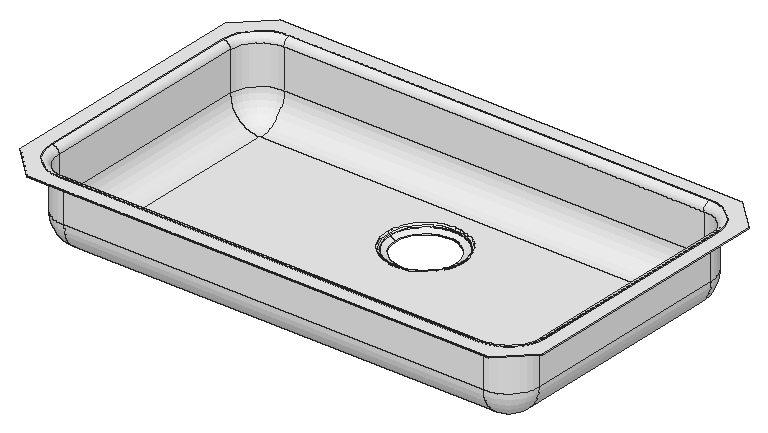
Revit family "ELUHAD281645", category Plumbing Fixtures, Revit 2019
Family settings
  Round Connector Dimension = Use Radius
  Part Type = Normal
  OmniClass Number = 23.45.05.14.14.27
  OmniClass Title = Service Sinks
  Work Plane-Based = No
  Always vertical = Yes
  Cut with Voids When Loaded = No
  Shared = No
  Room Calculation Point = No
Parameters (values of type "ELUHAD281645")
  URL = "www.elkayusa.com"
  Template Included = "Yes"
  Specification Sheet URL = ""
  Sound Deadening = "Bottom only pads"
  Sink Width = 1' - 6 1/2"
  Sink Material = Metal - Steel - Stainless - Chrome
  Sink Length = 2' - 6 1/2"
  Sink Ledge Sides Width = Sink Ledge Corner Width  # 0' - 1 1/4"
  Sink Ledge Front Width = Sink Ledge Corner Width  # 0' - 1 1/4"
  Sink Ledge Corner Width = 0' - 1 1/4"  # constant formula
  Sink Ledge Back Width = Sink Ledge Corner Width  # 0' - 1 1/4"
  Sink Dimensions = "30 1/2 inch x 18-1/2 inch x 4-3/8 inch"
  Sink Depth = 0' - 4 3/8"
  Sanitary Flow Rate = 10 GPM
  OmniClass Title = "Service Sinks"
  OmniClass Code = "23.45.05.14.14.27"
  Number of Bowls = "1"
  Nominal Radius = Nominal Dia / 2  # 0' - 0 3/4"
  Nominal Dia = 0' - 1 1/2"
  Mounting Hardware = "Undermount brackets sold separately"
  Model Number = ""
  Model = "Lustertone Undermount"
  Minimum Cabinet Size = "36 inch"
  Material = "304 Stainless Steel"
  MasterFormat Title = "Commercial Sinks"
  MasterFormat Number = "22.42.16.16"
  Manufacturer = "Elkay Manufacturing"
  Installation Type = "Undermount"
  Gauge = "18"
  Finish = "Lustrous Satin"
  Drain Size = "3-1/2 inch (89mm)"
  Drain Locations = "Rear Center"
  Drain Location = 0' - 5"
  Description = "Lustertone Single Bowl Sink"
  Deep Specification Sheet URL = ""
  Date Created = "10082021"  # constant formula
  Cutout Template # = "1000001414"
  CL Sink to CL Drain = 0' - 0"
  Bowl Width = (Sink Width - Sink Ledge Front Width - Sink Ledge Back Width)  # 1' - 4"
  Bowl Length = Sink Length - Sink Ledge Sides Width - Sink Ledge Sides Width  # 2' - 4"
  Bowl 1 Dimensions = "28 inch x 16 inch x 4-3/8 inch"
  Assembly Code = "D2010410"
Reference planes (in)
  plane 1 "CL Sink Hole": y = 3
  plane 2 "Top": z = 0
  plane 3 "Center (Left/Right)": x = 0
  plane 4 "Basin Edge Left": x = -14
  plane 5 "Basin Edge Right": x = 14
  plane 6 "Basin Edge Back": y = 8
  plane 7 "Basin Edge Front": y = -8
  plane 8 "Left": x = -15.25
  plane 9 "Right": x = 15.25
  plane 10 "Back": y = 9.25
  plane 11 "Front": y = -9.25
  plane 12 "Sink Angle Right": x = 12.78553
  plane 13 "Sink Angle Back": y = 6.78553
  plane 14 "Sink Angle Left": x = -12.78553
  plane 15 "Sink Angle Front": y = -6.78553
  plane 16 "Edge Radii Right": x = 14.42188
  plane 17 "Edge of Radii Left": x = -14.42187
  plane 18 "Sink Bowl Bottom (Top Face)": z = -4.375
  plane 19 "Sink Top Piece Bottom Face": z = -0.0625
  plane 20 "Top Radius Corner Prot": z = -0.42188
  plane 21: z = -2.6875
  plane 22 "Sink Bowl Bottom (Bottom Face)": z = -4.4375
  plane 23 "Left Sink Bottom Piece Left Edge": x = -12.3125
  plane 24 "Sink Bottom Piece Right Edge": x = 12.3125
  plane 25 "Sink Bottom Piece Back Edge": y = 6.3125
  plane 26 "Sink Bottom Piece Front Edge": y = -6.3125
  plane 27 "Center (Front/Back)": y = 0
  plane 28 "Bowl CL Drain": x = 0
  plane 29 "Edge Radii Front": y = -8.42187
  plane 30 "Right Sink Right Edge Radius": x = 12.25
  plane 31 "Front Edge Bottom Edge Radius": y = -6.25
  plane 32 "Back Edge Bottom Edge Radius": y = 6.25
  plane 33 "Edge Radii Back": y = 8.42187
  plane 34 "Left Bowl Bottom Edge Radius": x = -12.25
  plane 35 "Masking Region": z = 1.25157
  plane 36 "Sink Drain Elev Bottom": z = -5.875
  plane 37 "Sink Drain Elev Top": z = -5.625
  plane 38 "Top Radius Elev - 1-8": z = -0.10938
  plane 39 "Top Radius 1-8 Front": y = -8.10938
  plane 40 "Top Radius 1-8 Left": x = -14.10937
  plane 41 "Top Radius 1-8 Right": x = 14.10938
  plane 42 "Top Radius 1-8 Back": y = 8.10937
  plane 43 "Inside Radius Tangent Right": x = 12.97487
  plane 44 "Inside Radius Tangent Back": y = 6.97487
  plane 45 "Inside Radius Tangent Front": y = -6.97487
  plane 46 "Inside Radius Tangent Left": x = -12.97487
Forms (in)
  Extrusion 1, solid, material "Metal - Steel - Stainless - Chrome" <- "Sink Material"
    sketch origin (0, 0, 0) x (1, 0, 0) y (0, 1, 0)
      loop
        line (15.25, 7.49264) -> (13.49264, 9.25) -> (-13.49264, 9.25) -> (-15.25, 7.49264) -> (-15.25, -7.49264) -> (-13.49264, -9.25) -> (13.49264, -9.25) -> (15.25, -7.49264) -> (15.25, 7.49264)
      loop
        arc (-12.25, 8.42187) -> (-13.78575, 7.78575) -> (-14.42187, 6.25) r 2.17187
        line (-14.42187, 6.25) -> (-14.42188, -6.25)
        arc (-14.42188, -6.25) -> (-13.78575, -7.78575) -> (-12.25, -8.42188) r 2.17188
        line (-12.25, -8.42188) -> (12.25, -8.42188)
        arc (12.25, -8.42188) -> (13.78575, -7.78575) -> (14.42188, -6.25) r 2.17188
        line (14.42188, -6.25) -> (14.42188, 6.25)
        arc (14.42188, 6.25) -> (13.78575, 7.78575) -> (12.25, 8.42187) r 2.17188
        line (12.25, 8.42187) -> (-12.25, 8.42187)
    from -0.0625 to 0
  Extrusion 2, solid, material "Metal - Steel - Stainless - Chrome" <- "Sink Material"
    sketch origin (0, 0, 0) x (1, 0, 0) y (0, 1, 0)
      loop
        arc (-12.25, 6.3125) -> (-12.29419, 6.29419) -> (-12.3125, 6.25) r 0.0625
        line (-12.3125, 6.25) -> (-12.3125, -6.25)
        arc (-12.3125, -6.25) -> (-12.29419, -6.29419) -> (-12.25, -6.3125) r 0.0625
        line (-12.25, -6.3125) -> (12.25, -6.3125)
        arc (12.25, -6.3125) -> (12.29419, -6.29419) -> (12.3125, -6.25) r 0.0625
        line (12.3125, -6.25) -> (12.3125, 6.25)
        arc (12.3125, 6.25) -> (12.29419, 6.29419) -> (12.25, 6.3125) r 0.0625
        line (12.25, 6.3125) -> (-12.25, 6.3125)
      loop
        circle (0, 3) r 2.25
    from -4.4375 to -4.375
  Sweep 3, solid, material "Metal - Steel - Stainless - Chrome" <- "Sink Material"
    path origin (14.75, 0, -4.375) x (-1, 0, 0) y (0, -1, 0)
      loop
        circle (14.75, -3) r 2.25
    profile "profile-elkay-sink-hole-3 : profile-elkay-sink-hole-3" origin (0, 0.75, -4.375) x (0, 1, 0) y (0, 0, 1)
      loop
        line (0.5, -0.29111) -> (0.15646, -0.13437)
        arc (0.15646, -0.13437) -> (0.14249, -0.12559) -> (0.13131, -0.11346) r 0.0625
        line (0.13131, -0.11346) -> (0.08817, -0.05226)
        arc (0.08817, -0.05226) -> (0.05064, -0.01507) -> (0, 0) r 0.1086
        line (0, 0) -> (0, -0.04618)
        arc (0, -0.04618) -> (0.02621, -0.05419) -> (0.04646, -0.07265) r 0.0625
        line (0.04646, -0.07265) -> (0.09341, -0.13969)
        arc (0.09341, -0.13969) -> (0.11294, -0.16097) -> (0.13739, -0.17634) r 0.1086
        line (0.13739, -0.17634) -> (0.5, -0.34178) -> (0.5, -0.29111)
  Sweep 4, solid, material "Metal - Steel - Stainless - Chrome" <- "Sink Material"
    path origin (0, 0, 0) x (1, 0, 0) y (0, 1, 0)
      loop
        line (-12.25, -8) -> (12.25, -8)
        arc (12.25, -8) -> (13.48744, -7.48744) -> (14, -6.25) r 1.75
        line (14, -6.25) -> (14, 6.25)
        arc (14, 6.25) -> (13.48744, 7.48744) -> (12.25, 8) r 1.75
        line (12.25, 8) -> (-12.25, 8)
        arc (-12.25, 8) -> (-13.48744, 7.48744) -> (-14, 6.25) r 1.75
        line (-14, 6.25) -> (-14, -6.25)
        arc (-14, -6.25) -> (-13.48744, -7.48744) -> (-12.25, -8) r 1.75
    profile origin (0, -8, 0) x (0, 1, 0) y (0, 0, 1)
      loop
        arc (0, -0.42187) -> (-0.12356, -0.12356) -> (-0.42187, 0) r 0.42188
        line (-0.42187, 0) -> (-0.42187, -0.0625)
        arc (-0.42187, -0.0625) -> (-0.16776, -0.16776) -> (-0.0625, -0.42187) r 0.35938
        line (-0.0625, -0.42187) -> (-0.0625, -2.6875)
        arc (-0.0625, -2.6875) -> (0.45006, -3.92494) -> (1.6875, -4.4375) r 1.75
        line (1.6875, -4.4375) -> (1.6875, -4.375)
        arc (1.6875, -4.375) -> (0.49426, -3.88074) -> (0, -2.6875) r 1.6875
        line (0, -2.6875) -> (0, -0.42187)
  Extrusion 5, solid, material "Glass", not visible
    sketch origin (0, 0, -5.625) x (0, -1, 0) y (1, 0, 0)
      loop
        circle (-3, 0) r 0.75
    from -0.25 to 0
Cuts and joins
  joined: Extrusion 2, Sweep 3, Sweep 4
Lines and regions (in)
  Masking region 1
    outline origin (0, 0, 0) x (1, 0, 0) y (0, 1, 0)
      loop
        line (-14.42187, 6.25) -> (-14.42188, -6.25)
        arc (-14.42188, -6.25) -> (-13.78575, -7.78575) -> (-12.25, -8.42188) r 2.17188
        line (-12.25, -8.42188) -> (12.25, -8.42188)
        arc (12.25, -8.42188) -> (13.78575, -7.78575) -> (14.42188, -6.25) r 2.17188
        line (14.42188, -6.25) -> (14.42188, 6.25)
        arc (14.42188, 6.25) -> (13.78575, 7.78575) -> (12.25, 8.42187) r 2.17188
        line (12.25, 8.42187) -> (-12.25, 8.42187)
        arc (-12.25, 8.42187) -> (-13.78575, 7.78575) -> (-14.42187, 6.25) r 2.17187
  reference lines, not visible
    curve 1: arc (-0.625, 3, -2.6875) -> (-1.11926, 3, -3.88074) -> (-2.3125, 3, -4.375) r 1.6875
    curve 2: arc (-14, 3, -2.6875) -> (-13.50574, 3, -3.88074) -> (-12.3125, 3, -4.375) r 1.6875
    curve 3: arc (-0.625, 3, -0.42188) -> (-0.50144, 3, -0.12356) -> (-0.20313, 3, 0) r 0.42188
    curve 4: arc (0, -6.3125, -4.375) -> (0, -7.50574, -3.88074) -> (0, -8, -2.6875) r 1.6875
    curve 5: arc (0, -8, -0.42188) -> (0, -8.12356, -0.12356) -> (0, -8.42188, 0) r 0.42188
    curve 6: arc (12.3125, 6.25, 0) -> (12.29419, 6.29419, 0) -> (12.25, 6.3125, 0) r 0.0625
    curve 7: arc (12.3125, -6.25, 0) -> (12.29419, -6.29419, 0) -> (12.25, -6.3125, 0) r 0.0625
    curve 8: arc (14, 6.25, 1.25157) -> (13.48744, 7.48744, 1.25157) -> (12.25, 8, 1.25157) r 1.75
    curve 9: arc (14, -6.25, 1.25157) -> (13.48744, -7.48744, 1.25157) -> (12.25, -8, 1.25157) r 1.75
    curve 12: arc (-12.25, -6.3125, 0) -> (-12.29419, -6.29419, 0) -> (-12.3125, -6.25, 0) r 0.0625
    curve 13: arc (-12.25, 6.3125, 0) -> (-12.29419, 6.29419, 0) -> (-12.3125, 6.25, 0) r 0.0625
    curve 16: arc (-13.442, 7.53126, 1.25157) -> (-13.85445, 6.94875, 1.25157) -> (-14, 6.25, 1.25157) r 1.75
    curve 17: arc (-14, -6.25, 1.25157) -> (-13.48744, -7.48744, 1.25157) -> (-12.25, -8, 1.25157) r 1.75
    curve 18: circle (0, 3, -5.875) r 0.75 normal (0, 0, 1)
    curve 20: circle (0, 3, -4.375) r 1.75 normal (0, 0, 1)
    curve 29: arc (-12.25, 9.125, 1.25157) -> (-14.28293, 8.28293, 1.25157) -> (-15.125, 6.25, 1.25157) r 2.875
    curve 30: arc (14.75, 6.25, 1.25157) -> (14.01777, 8.01777, 1.25157) -> (12.25, 8.75, 1.25157) r 2.5
    curve 31: line (-12.97487, 8, 0) -> (-14, 6.97487, 0)
    curve 32: line (12.97487, 8, 0) -> (14, 6.97487, 0)
    curve 33: line (13.09745, 9.64519, 0) -> (15.69376, 7.04888, 0)
    curve 34: line (14, -6.97487, 0) -> (12.97487, -8, 0)
    curve 35: line (15.66329, -7.07936, 0) -> (13.11612, -9.62652, 0)
    curve 36: line (-14, -6.97487, 0) -> (-12.97487, -8, 0)
    curve 37: line (-15.84102, -6.90163, 0) -> (-13.39647, -9.34617, 0)
    curve 38: line (-13.04997, 9.69267, 0) -> (-15.65098, 7.09166, 0)
  reference lines
    curve 10: arc (14.42188, 6.25, 0) -> (13.78575, 7.78575, 0) -> (12.25, 8.42187, 0) r 2.17188
    curve 11: arc (-12.25, -8.42188, 0) -> (-13.78575, -7.78575, 0) -> (-14.42188, -6.25, 0) r 2.17188
    curve 14: arc (-12.25, 8.42187, 0) -> (-13.78575, 7.78575, 0) -> (-14.42187, 6.25, 0) r 2.17187
    curve 15: arc (14.42188, -6.25, 0) -> (13.78575, -7.78575, 0) -> (12.25, -8.42188, 0) r 2.17188
    curve 19: circle (0, 3, -4.375) r 2.25 normal (0, 0, 1)
    curve 21: circle (0, 3, -4.375) r 2.25 normal (0, 0, 1)
    curve 24: arc (0, -8, -0.10938) -> (0, -8.03204, -0.03204) -> (0, -8.10938, 0) r 0.10938
    curve 25: arc (14.10938, 6.25, 0) -> (13.56478, 7.56478, 0) -> (12.25, 8.10937, 0) r 1.85938
    curve 26: arc (-12.25, 8.10937, 0) -> (-13.56478, 7.56478, 0) -> (-14.10938, 6.25, 0) r 1.85938
    curve 27: arc (-12.25, -8.10938, 0) -> (-13.56478, -7.56478, 0) -> (-14.10938, -6.25, 0) r 1.85938
    curve 28: arc (14.10938, -6.25, 0) -> (13.56478, -7.56478, 0) -> (12.25, -8.10938, 0) r 1.85938
  symbolic lines, style "Sinks"
    curve 22: circle (0, 3, -4.375) r 2.25 normal (0, 0, 1)
    curve 23: circle (0, 3, -4.375) r 1.75 normal (0, 0, 1)
    curve 39: line (-12.25, 8, 0) -> (12.25, 8, 0)
    curve 40: line (14, 6.25, 0) -> (14, -6.25, 0)
    curve 41: line (-12.25, -8, 0) -> (12.25, -8, 0)
    curve 42: line (-14, 6.25, 0) -> (-14, -6.25, 0)
    curve 43: arc (14, 6.25, 0) -> (13.48744, 7.48744, 0) -> (12.25, 8, 0) r 1.75
    curve 44: arc (-12.25, 8, 0) -> (-13.48744, 7.48744, 0) -> (-14, 6.25, 0) r 1.75
    curve 45: arc (-14, -6.25, 0) -> (-13.48744, -7.48744, 0) -> (-12.25, -8, 0) r 1.75
    curve 46: arc (14, -6.25, 0) -> (13.48744, -7.48744, 0) -> (12.25, -8, 0) r 1.75
Dimensions and locks (in)
  "Sink Ledge Sides Width": plane 8 "Left" to plane 4 "Basin Edge Left"
  "Sink Ledge Sides Width": plane 5 "Basin Edge Right" to plane 9 "Right"
  "Sink Length": plane 8 "Left" to plane 9 "Right"
  "Drain Location": plane 6 "Basin Edge Back" to plane 1 "CL Sink Hole"
  "Sink Ledge Back Width": plane 10 "Back" to plane 6 "Basin Edge Back"
  "Sink Ledge Front Width": plane 7 "Basin Edge Front" to plane 11 "Front"
  plane 12 "Sink Angle Right" to plane 9 "Right" = 0' - 2.46447"
  plane 10 "Back" to plane 13 "Sink Angle Back" = 0' - 2.46447"
  plane 8 "Left" to plane 14 "Sink Angle Left" = 0' - 2.46447"
  plane 15 "Sink Angle Front" to plane 11 "Front" = 0' - 2.46447"
  "Sink Width": plane 10 "Back" to plane 11 "Front"
  locked: plane 17 "Edge of Radii Left" to plane 4 "Basin Edge Left" at 0.42188
  locked: plane 26 "Sink Bottom Piece Front Edge" to plane 7 "Basin Edge Front" at 1.6875
  locked: plane 4 "Basin Edge Left" to plane 23 "Left Sink Bottom Piece Left Edge" at 1.6875
  locked: plane 24 "Sink Bottom Piece Right Edge" to plane 5 "Basin Edge Right" at 1.6875
  locked: plane 6 "Basin Edge Back" to plane 25 "Sink Bottom Piece Back Edge" at 1.6875
  locked: plane 5 "Basin Edge Right" to plane 16 "Edge Radii Right" at 0.42188
  equal spacing: plane 10 "Back", plane 27 "Center (Front/Back)", plane 11 "Front"
  equal spacing: plane 8 "Left", plane 3 "Center (Left/Right)", plane 9 "Right"
  "CL Sink to CL Drain": plane 3 "Center (Left/Right)" to plane 28 "Bowl CL Drain"
  locked: plane 30 "Right Sink Right Edge Radius" to plane 24 "Sink Bottom Piece Right Edge" at 0.0625
  locked: plane 31 "Front Edge Bottom Edge Radius" to plane 26 "Sink Bottom Piece Front Edge" at 0.0625
  locked: plane 25 "Sink Bottom Piece Back Edge" to plane 32 "Back Edge Bottom Edge Radius" at 0.0625
  locked: plane 33 "Edge Radii Back" to plane 6 "Basin Edge Back" at 0.42188
  locked: plane 7 "Basin Edge Front" to plane 29 "Edge Radii Front" at 0.42187
  locked: plane 23 "Left Sink Bottom Piece Left Edge" to plane 34 "Left Bowl Bottom Edge Radius" at 0.0625
  "Sink Depth": plane 2 "Top" to plane 18 "Sink Bowl Bottom (Top Face)"
  locked: plane 2 "Top" to plane 20 "Top Radius Corner Prot" at 0.42188
  locked: plane 2 "Top" to plane 19 "Sink Top Piece Bottom Face" at 0.0625
  locked: plane 21 to plane 18 "Sink Bowl Bottom (Top Face)" at 1.6875
  locked: plane 18 "Sink Bowl Bottom (Top Face)" to plane 22 "Sink Bowl Bottom (Bottom Face)" at 0.0625
  locked: plane 35 "Masking Region" to plane 2 "Top" at 1.25157
  locked: plane 18 "Sink Bowl Bottom (Top Face)" to plane 36 "Sink Drain Elev Bottom" at 1.5
  locked: plane 37 "Sink Drain Elev Top" to plane 36 "Sink Drain Elev Bottom" at 0.25
  locked: plane 39 "Top Radius 1-8 Front" to plane 7 "Basin Edge Front" at 0.10938
  locked: plane 2 "Top" to plane 38 "Top Radius Elev - 1-8" at 0.10938
  locked: plane 40 "Top Radius 1-8 Left" to plane 4 "Basin Edge Left" at 0.10938
  locked: plane 5 "Basin Edge Right" to plane 41 "Top Radius 1-8 Right" at 0.10938
  locked: plane 42 "Top Radius 1-8 Back" to plane 6 "Basin Edge Back" at 0.10938
  locked: plane 32 "Back Edge Bottom Edge Radius" to plane 44 "Inside Radius Tangent Back" at 0.72487
  locked: plane 30 "Right Sink Right Edge Radius" to plane 43 "Inside Radius Tangent Right" at 0.72487
  locked: plane 45 "Inside Radius Tangent Front" to plane 31 "Front Edge Bottom Edge Radius" at 0.72487
  locked: plane 46 "Inside Radius Tangent Left" to plane 34 "Left Bowl Bottom Edge Radius" at 0.72487
  "Sink Ledge Corner Width": curve 32 to curve 33
  "Sink Ledge Corner Width": curve 34 to curve 35
  "Sink Ledge Corner Width": curve 37 to curve 36
  "Sink Ledge Corner Width": curve 38 to curve 31
  plane 10 "Back" to plane 11 "Front" = 1' - 6 1/2"
  plane 8 "Left" to plane 9 "Right" = 2' - 6 1/2"
  plane 1 "CL Sink Hole" to curve 39 = 0' - 5"
  "Nominal Radius": radius of curve 18
  aligned: Extrusion 1 to plane 19 "Sink Top Piece Bottom Face"
  aligned: Extrusion 2 to plane 18 "Sink Bowl Bottom (Top Face)"
  aligned and locked: Extrusion 2 to plane 22 "Sink Bowl Bottom (Bottom Face)"
  aligned and locked: plane 18 "Sink Bowl Bottom (Top Face)" to Extrusion 2
  aligned and locked: Extrusion 2 sketch curve to curve 7
  aligned and locked: Extrusion 2 sketch curve to curve 6
  aligned and locked: Sweep 4 sketch curve to curve 8
  aligned and locked: Sweep 4 sketch curve to curve 9
  aligned and locked: Sweep 4 sketch curve to curve 4
  aligned and locked: Extrusion 1 sketch curve to plane 9 "Right"
  aligned and locked: Extrusion 1 sketch curve to plane 10 "Back"
  aligned and locked: Extrusion 1 sketch curve to plane 8 "Left"
  aligned and locked: Extrusion 1 sketch curve to plane 11 "Front"
  aligned and locked: plane 2 "Top" to Extrusion 1
  aligned and locked: Extrusion 1 to plane 19 "Sink Top Piece Bottom Face"
  aligned and locked: Extrusion 5 sketch curve to curve 18
  aligned and locked: Extrusion 5 to plane 36 "Sink Drain Elev Bottom"
  aligned and locked: plane 37 "Sink Drain Elev Top" to Extrusion 5
  aligned and locked: Sweep 4 sketch curve to curve 16
  aligned and locked: Sweep 4 sketch curve to curve 17
  aligned and locked: Extrusion 2 sketch curve to curve 13
  aligned and locked: Extrusion 2 sketch curve to curve 12
  aligned and locked: Sweep 3 sketch curve to curve 19
  aligned and locked: Extrusion 2 sketch curve to curve 19
  aligned and locked: curve 22 to curve 21
  aligned and locked: curve 23 to curve 20
  aligned and locked: curve 33 to Extrusion 1 sketch curve
  aligned and locked: curve 35 to Extrusion 1 sketch curve
  aligned and locked: curve 37 to Extrusion 1 sketch curve
  aligned and locked: curve 38 to Extrusion 1 sketch curve
  aligned and locked: Masking region 1 sketch curve to curve 10
  aligned and locked: Masking region 1 sketch curve to curve 14
  aligned and locked: Masking region 1 sketch curve to curve 11
  aligned and locked: Masking region 1 sketch curve to curve 15
  aligned and locked: curve 43 to curve 8
  aligned and locked: curve 44 to curve 16
  aligned and locked: curve 45 to curve 17
  aligned and locked: curve 46 to curve 9
  aligned and locked: Sweep 4 sketch curve to curve 5
  aligned and locked: Sweep 4 sketch curve to plane 29 "Edge Radii Front"
  aligned and locked: Extrusion 1 sketch curve to curve 14
  aligned and locked: Extrusion 1 sketch curve to curve 11
  aligned and locked: Extrusion 1 sketch curve to curve 15
  aligned and locked: Extrusion 1 sketch curve to curve 10
Automatic sketch dimensions
  curve 2 to plane 4 "Basin Edge Left" = 0' - 0"
  curve 2 to plane 21 = 0' - 0"
  curve 2 to plane 23 "Left Sink Bottom Piece Left Edge" = 0' - 0"
  curve 1 to plane 18 "Sink Bowl Bottom (Top Face)" = 0' - 0"
  curve 3 to plane 20 "Top Radius Corner Prot" = 0' - 0"
  curve 1 to plane 21 = 0' - 0"
  plane 1 "CL Sink Hole" to curve 18 = 0' - 0"
  curve 18 to plane 28 "Bowl CL Drain" = 0' - 0"
  curve 3 to level = 0' - 0"
  curve 1 to plane 3 "Center (Left/Right)" = 0' - 2 5/16"
  curve 3 to plane 3 "Center (Left/Right)" = 0' - 0 5/8"
  curve 19 to curve 20 = 0' - 0"  (x2)
  curve 19 to curve 21 = 0' - 0"  (x2)
  curve 20 to curve 21 = 0' - 0"  (x2)
  plane 1 "CL Sink Hole" to curve 20 = 0' - 0"
  curve 20 to plane 28 "Bowl CL Drain" = 0' - 0"
  curve 8 to plane 5 "Basin Edge Right" = 0' - 0"
  curve 16 to plane 4 "Basin Edge Left" = 0' - 0"
  curve 17 to plane 4 "Basin Edge Left" = 0' - 0"
  curve 9 to plane 5 "Basin Edge Right" = 0' - 0"
  curve 5 to level = 0' - 0"
  curve 5 to plane 29 "Edge Radii Front" = 0' - 0"
  curve 24 to plane 38 "Top Radius Elev - 1-8" = 0' - 0"
  curve 24 to plane 39 "Top Radius 1-8 Front" = 0' - 0"
  curve 5 to plane 7 "Basin Edge Front" = 0' - 0"
  curve 4 to plane 7 "Basin Edge Front" = 0' - 0"
  curve 24 to plane 7 "Basin Edge Front" = 0' - 0"
  curve 4 to plane 21 = 0' - 0"
  curve 4 to plane 26 "Sink Bottom Piece Front Edge" = 0' - 0"
  Sweep 4 sketch curve to Sweep 4 sketch curve = 0' - 0"  (x2)
  curve 8 to curve 30 = 0' - 0"  (x4)
  plane 5 "Basin Edge Right" to curve 30 = 0' - 0 3/4"
  curve 6 to curve 10 = 0' - 0"  (x2)
  curve 6 to curve 25 = 0' - 0"  (x2)
  curve 7 to curve 15 = 0' - 0"  (x2)
  curve 7 to curve 28 = 0' - 0"  (x2)
  curve 10 to curve 25 = 0' - 0"  (x2)
  curve 11 to curve 12 = 0' - 0"  (x2)
  curve 11 to curve 27 = 0' - 0"  (x2)
  curve 12 to curve 27 = 0' - 0"  (x2)
  curve 13 to curve 14 = 0' - 0"  (x2)
  curve 13 to curve 26 = 0' - 0"  (x2)
  curve 14 to curve 26 = 0' - 0"  (x2)
  curve 15 to curve 28 = 0' - 0"  (x2)
  curve 14 to plane 17 "Edge of Radii Left" = 0' - 0"
  curve 11 to plane 17 "Edge of Radii Left" = 0' - 0"
  plane 32 "Back Edge Bottom Edge Radius" to curve 26 = 0' - 0"
  curve 26 to plane 40 "Top Radius 1-8 Left" = 0' - 0"
  plane 31 "Front Edge Bottom Edge Radius" to curve 27 = 0' - 0"
  curve 27 to plane 40 "Top Radius 1-8 Left" = 0' - 0"
  curve 31 to plane 4 "Basin Edge Left" = 0' - 0"
  curve 36 to plane 4 "Basin Edge Left" = 0' - 0"
  curve 31 to plane 6 "Basin Edge Back" = 0' - 0"
  curve 31 to plane 46 "Inside Radius Tangent Left" = 0' - 0"
  curve 36 to plane 7 "Basin Edge Front" = 0' - 0"
  curve 36 to plane 46 "Inside Radius Tangent Left" = 0' - 0"
  curve 12 to plane 23 "Left Sink Bottom Piece Left Edge" = 0' - 0"
  curve 13 to plane 23 "Left Sink Bottom Piece Left Edge" = 0' - 0"
  curve 13 to plane 34 "Left Bowl Bottom Edge Radius" = 0' - 0"
  curve 12 to plane 26 "Sink Bottom Piece Front Edge" = 0' - 0"
  curve 25 to plane 30 "Right Sink Right Edge Radius" = 0' - 0"
  curve 15 to plane 29 "Edge Radii Front" = 0' - 0"
  curve 15 to plane 30 "Right Sink Right Edge Radius" = 0' - 0"
  curve 7 to plane 24 "Sink Bottom Piece Right Edge" = 0' - 0"
  curve 6 to plane 24 "Sink Bottom Piece Right Edge" = 0' - 0"
  curve 34 to plane 7 "Basin Edge Front" = 0' - 0"
  curve 34 to plane 43 "Inside Radius Tangent Right" = 0' - 0"
  curve 32 to plane 6 "Basin Edge Back" = 0' - 0"
  curve 32 to plane 43 "Inside Radius Tangent Right" = 0' - 0"
  curve 34 to plane 5 "Basin Edge Right" = 0' - 0"
  curve 32 to plane 5 "Basin Edge Right" = 0' - 0"
  plane 32 "Back Edge Bottom Edge Radius" to curve 25 = 0' - 0"
  curve 25 to plane 41 "Top Radius 1-8 Right" = 0' - 0"
  plane 31 "Front Edge Bottom Edge Radius" to curve 28 = 0' - 0"
  curve 28 to plane 41 "Top Radius 1-8 Right" = 0' - 0"
  curve 10 to plane 16 "Edge Radii Right" = 0' - 0"
  plane 45 "Inside Radius Tangent Front" to curve 34 = 0' - 0"
  plane 45 "Inside Radius Tangent Front" to curve 36 = 0' - 0"
  curve 32 to plane 44 "Inside Radius Tangent Back" = 0' - 0"
  curve 31 to plane 44 "Inside Radius Tangent Back" = 0' - 0"
  plane 44 "Inside Radius Tangent Back" to curve 38 = 0' - 0.11679"
  curve 37 to plane 45 "Inside Radius Tangent Front" = 0' - 0.07325"
  curve 37 to plane 11 "Front" = 0' - 0.09617"
  curve 38 to plane 46 "Inside Radius Tangent Left" = 0' - 0.0751"
  curve 33 to plane 43 "Inside Radius Tangent Right" = 0' - 0.12257"
  curve 35 to plane 43 "Inside Radius Tangent Right" = 0' - 0.14124"
  plane 45 "Inside Radius Tangent Front" to curve 35 = 0' - 0.10448"
  plane 44 "Inside Radius Tangent Back" to curve 33 = 0' - 0.074"
  curve 16 to curve 29 = 0' - 0"  (x2)
  plane 32 "Back Edge Bottom Edge Radius" to curve 16 = 0' - 0"
  curve 16 to plane 34 "Left Bowl Bottom Edge Radius" = 0' - 0"
  curve 16 to plane 46 "Inside Radius Tangent Left" = 0' - 0.46713"
  plane 8 "Left" to curve 29 = 0' - 0 1/8"
  plane 31 "Front Edge Bottom Edge Radius" to curve 17 = 0' - 0"
  curve 17 to plane 34 "Left Bowl Bottom Edge Radius" = 0' - 0"
  curve 9 to plane 7 "Basin Edge Front" = 0' - 0"
  curve 9 to plane 30 "Right Sink Right Edge Radius" = 0' - 0"
  curve 8 to plane 6 "Basin Edge Back" = 0' - 0"
  curve 8 to plane 30 "Right Sink Right Edge Radius" = 0' - 0"
  profile plane to Sweep 4 sketch curve = 0' - 0 1/16"
  radius of curve 19 = 0' - 2 1/4"
  radius of curve 20 = 0' - 1 3/4"
  radius of curve 21 = 0' - 2 1/4"
Connectors (in)
  piping at (0, 3, -5.625), diameter 1.5, driven by "Nominal Radius", driven by "Sanitary Flow Rate"
    settings: on Extrusion 5, index 2, connector inside diameter 1 1/2", connector length 0' - 0", flow factor 0, pipe flow 10 GPM, pressure drop 0.00 psi, fitting loss kfactor 0, connector angle 0.00°, fixture units 0, engagement length 0' - 0", angle of deflection 0.00°, flow configuration 1, flow direction 2, fitting loss method 0, system type 16, joint type 0, gender type 0, connector reference index -1, connector utility 0, adjustable connector yes, is connector primary yes, connector description "Sink Drain Right"
